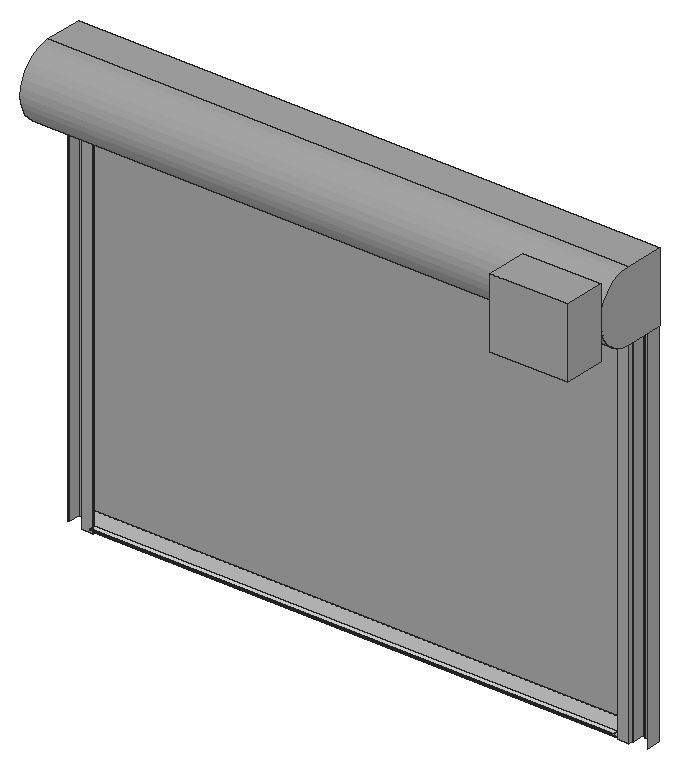
Revit family
Parameters (values of type "Motor Operated Stainless steel")
  Spec Wizard = "http://www.clopaydoor.com/Quick-Specs-Wizard.aspx"
  Sizing Disclaimer = "30’ wide, 30’ high standard construction. Large Openings to 38’ wide, 40’ high consult factory. "  # constant formula
  Sales Information = "http://www.clopaydoor.com/where-to-buy.aspx?type=dealer&stype=commercial"
  Product Options = "Insulated Doors muffle unwanted sound. STC 27"  # constant formula
  Product Features and Benefits = "http://www.clopaydoor.com/sliding-applications.aspx"
  Mounting = "Face of Wall"  # constant formula
  Motor Operator = yes
  Manufacturer Website = "http://www.clopaydoor.com"
  Manufacturer Phone Number = "1-800-526-4301"  # constant formula
  Manufacturer Address = "1400 W. Market St., Troy, OH 45373"  # constant formula
  Function = (empty or 0)
  File Revision = "00 (Feb, 2011)"  # constant formula
  Drip Extension = 0' - 5"
  Curtain 3" slats filled w. 7/8" insulation = Stainless steel (curtain only)
  Hand Chain = no
  CAD and Specifications = "http://www.clopaydoor.com/sliding-specs.aspx"
  Bottom Bar = Aluminum, mill finish (non curtain components)
  Guides = Stainless steel (non curtain components)
  Hood = Stainless steel (non curtain components)
  URL = "http://www.clopaydoor.com"
  Subcategory = "Roll Up"  # constant formula
  Optional aluminum, color anodized finish = no
  Wall Construction = "Masonry, Steel or Wood"  # constant formula
  Operator = Operator : Motor Operator
  Operator Width = Width + (2 * 0' 6 11/16") + 0' 9"  # 13' - 10 3/8"
  Operation = ""
  From Coil Side Operate on Right = yes
  From Coil Side Operate on Left = not(From Coil Side Operate on Right)  # no
  Model = "CESD20 "  # constant formula
  Manufacturer = "Clopay Building Products Company"  # constant formula
  Height = 10' - 0"
  Wall Closure = (empty or 0)
  Width = 12' - 0"
  Description = "Built to order insulated rolling doors maintain different temperatures on each side of the door. "  # constant formula
  Operator Height = Height - 1' 7"  # 8' - 5"
  Assembly Code = "B2030410"
  95 CSI = "08330"  # constant formula
  Windload = "A full range of specific wind load requirements available- Consult Clopay. "  # constant formula
  Coil Dimension Note = "17” to 30” -  Consult Clopay when dimensions are critical."  # constant formula
  Jamb Dimension Note = "6 3/16In to 10In wide. Consult Clopayl when dimensions are critical."  # constant formula
  Sound Transmission Class Rating = "STC 27, based on a complete, operable door assembly"  # constant formula
  Optional Powder Coated Finish, standard RAL colors, Galv. Steel and Aluminum only = no
  04 CSI = "08 33 00"  # constant formula
  Cost Name = "Based on size, materials selected. Consult Clopay."  # constant formula
Types (8): name | Motor Operator | Drip Extension | Curtain 3" slats filled w. 7/8" insulation | Hand Chain | Bottom Bar | Guides | Hood | Operator
  Hand-Chain Operated Galvanized Steel | no | 0' - 3" | Galvanized steel (curtain only) | yes | Aluminum, mill finish (non curtain components) | Galvanized or powder coated plain steel (non curtain components) | Galvanized or powder coated plain steel (non curtain components) | Operator : Hand-Chain
  Hand-Chain Operated Stainless steel | no | 0' - 3" | Stainless steel (curtain only) | yes | Aluminum, mill finish (non curtain components) | Stainless steel (non curtain components) | Stainless steel (non curtain components) | Operator : Hand-Chain
  Motor Operated Galvanized Steel | yes | 0' - 5" | Galvanized steel (curtain only) | no | Aluminum, mill finish (non curtain components) | Galvanized or powder coated plain steel (non curtain components) | Galvanized or powder coated plain steel (non curtain components) | Operator : Motor Operator
  Motor Operated Stainless steel | yes | 0' - 5" | Stainless steel (curtain only) | no | Aluminum, mill finish (non curtain components) | Stainless steel (non curtain components) | Stainless steel (non curtain components) | Operator : Motor Operator
  Hand-Chain Operated Aluminum, mill finish | no | 0' - 3" | Aluminum, mill finish (curtain only) | yes | Aluminum, mill finish (non curtain components) | Aluminum, mill finish (non curtain components) | Aluminum, mill finish (non curtain components) | Operator : Hand-Chain
  Hand-Chain Operated Aluminum, clear anodized finish | no | 0' - 3" | Aluminum, clear anodized finish (curtain only) | yes | Aluminum, clear anodized finish (non curtain components) | Aluminum, clear anodized finish (non curtain components) | Aluminum, clear anodized finish (non curtain components) | Operator : Hand-Chain
  Motor Operated Aluminum, mill finish | yes | 0' - 5" | Aluminum, mill finish (curtain only) | no | Aluminum, mill finish (non curtain components) | Aluminum, mill finish (non curtain components) | Aluminum, mill finish (non curtain components) | Operator : Motor Operator
  Motor Operated Aluminum, clear anodized finish | yes | 0' - 5" | Aluminum, clear anodized finish (curtain only) | no | Aluminum, clear anodized finish (non curtain components) | Aluminum, clear anodized finish (non curtain components) | Aluminum, clear anodized finish (non curtain components) | Operator : Motor Operator
Reference planes (in)
  plane 1 "Center (Front/Back)": y = 0
  plane 2 "Center (Left/Right)": x = 36
  plane 3 "Left": x = -36
  plane 4 "Right": x = 108
  plane 5 "Top": z = 120
  plane 6 "Wall Edge": y = -3
  plane 7: y = -3
  plane 8 "Bottom Bar Alignment": y = -4.8765
  plane 9: y = -2.12013
  plane 10: x = -29.74865
  plane 11: x = 101.74865
  plane 12: x = -31.0625
  plane 13: z = 5.53516
  plane 14: x = 105.75
  plane 15: y = -10.65733
  plane 16: y = -18.31465
  plane 17: x = -39
  plane 18: y = -1.12488
  plane 19: z = 102
  plane 20: x = -42.6875
  plane 21: x = 114.6875
  plane 22: z = 101
Forms (in)
  Sweep 1, solid, material "Stainless steel (non curtain components)" <- "Hood"
    path origin (-1.0625, -3, -24.64844) x (-1, 0, 0) y (0, 0, 1)
      loop
        line (-115.75, 125) -> (41.625, 125)
    profile "Profile_Hood : Profile_Hood" origin (36, -3, 100.35156) x (0, 0, 1) y (0, 1, 0)
      loop
        line (19.64844, -10.5) -> (19.64844, 0) -> (0.64844, 0) -> (0.64844, -10.5)
        arc (0.64844, -10.5) -> (10.14844, -20) -> (19.64844, -10.5) r 9.5
  Sweep 2, solid, material "Aluminum, mill finish (non curtain components)" <- "Bottom Bar"
    path origin (-43.95264, -7.75, 47.99916) x (-1, 0, 0) y (0, 0, 1)
      loop
        line (-150.89014, -48) -> (-9.01514, -48)
    profile "Profile_BottomBar : Profile_BottomBar" origin (36, -7.75, -0.00084) x (0, 0, 1) y (0, 1, 0)
      loop
        line (1.84214, 1.28791) -> (1.60324, 2.77486)
        arc (1.60324, 2.77486) -> (1.57787, 2.80943) -> (1.535, 2.80903) r 0.047
        line (1.535, 2.80903) -> (1.535, 2.61332) -> (1.75124, 1.26741) -> (0.453, 1.26741)
        arc (0.453, 1.26741) -> (0, 0.81441) -> (0.453, 0.36141) r 0.453
        line (0.453, 0.36141) -> (1.629, 0.36141) -> (1.629, -1.04659)
        arc (1.629, -1.04659) -> (1.61992, -1.06851) -> (1.598, -1.07759) r 0.031
        line (1.598, -1.07759) -> (1.566, -1.07759)
        arc (1.566, -1.07759) -> (1.54408, -1.08667) -> (1.535, -1.10859) r 0.031
        line (1.535, -1.10859) -> (1.535, -1.17009)
        arc (1.535, -1.17009) -> (1.54877, -1.20333) -> (1.582, -1.21709) r 0.047
        line (1.582, -1.21709) -> (1.676, -1.21709)
        arc (1.676, -1.21709) -> (1.70923, -1.20333) -> (1.723, -1.17009) r 0.047
        line (1.723, -1.17009) -> (1.723, 0.34491) -> (5.536, 0.34491) -> (5.536, 1.28791) -> (1.84214, 1.28791)
  Extrusion 3, solid, material "Stainless steel (curtain only)" <- "Curtain 3" slats filled w. 7/8" insulation"
    sketch origin (0, -1.8125, 0) x (1, 0, 0) y (0, 1, 0)
      loop
        line (-36, -4.96759) -> (-36, -5.59259) -> (108, -5.59259) -> (108, -4.96759) -> (-36, -4.96759)
    from 5.53516 to 101
Lines and regions (in)
  Opening 1
    outline origin (-90, -3, 0) x (1, 0, 0) y (0, 0, 1)
      loop
        line (54, 0) -> (198, 0) -> (198, 96) -> (54, 96) -> (54, 0)
Text (in)
  text "Exterior" at (-74.96733, 27.31104, 0), in view "Ref. Level"
  text "Interior" at (-74.96733, -25.14366, 0), in view "Ref. Level"
  text "Exterior" at (0, 40.15149, 123.01588), in view "Right"
  text "Interior" at (0, -64.39139, 123.01588), in view "Right"
  text "Interior" at (0, -63.63426, 123.00693), in view "Left"
  text "Exterior" at (0, 54.57065, 123.00693), in view "Left"
Dimensions and locks (in)
  equal spacing: plane 3 "Left", plane 2 "Center (Left/Right)", plane 4 "Right"
  "Height": level to plane 5 "Top"
  "Width": plane 3 "Left" to plane 4 "Right"
  locked: plane 7 to plane 6 "Wall Edge"
  locked: level to plane 13 at 5.53516
  equal spacing: plane 6 "Wall Edge", plane 15, plane 16
  Extrusion 3 sketch curve to plane 12 = 0' - 4 15/16"
  locked: Extrusion 3 sketch curve to Extrusion 3 sketch curve at 0.625
  locked: plane 5 "Top" to plane 19 at 18
  plane 19 to level = 8' - 6"
  locked: plane 20 to plane 3 "Left" at 6.6875
  locked: plane 21 to plane 4 "Right" at 6.6875
  "Drip Extension": Opening 1 sketch curve to plane 22
  locked: plane 22 to plane 19 at 1
  aligned and locked: plane 3 "Left" to Opening 1 sketch curve
  aligned and locked: Opening 1 sketch curve to plane 4 "Right"
  aligned and locked: Opening 1 sketch curve to level
  aligned and locked: plane 6 "Wall Edge" to host wall
  aligned and locked: nested 2 to Sweep 2 sketch curve
  aligned and locked: nested 1 to Sweep 2 sketch curve
  aligned and locked: plane 13 to Sweep 2
  aligned and locked: nested 3 to plane 5 "Top"
  aligned and locked: plane 7 to nested 1
  aligned and locked: host wall to nested 2
  aligned and locked: Sweep 2 to Extrusion 3
  aligned and locked: Sweep 1 to plane 21
  aligned and locked: plane 21 to Sweep 1 sketch curve
  aligned and locked: plane 20 to Sweep 1 sketch curve
  aligned and locked: nested 1 to plane 20
  aligned and locked: plane 3 "Left" to Extrusion 3
  aligned and locked: Extrusion 3 to plane 4 "Right"
  aligned and locked: plane 21 to nested 2
  aligned and locked: Extrusion 3 to plane 13
  aligned and locked: plane 2 "Center (Left/Right)" to nested 3
  aligned and locked: Extrusion 3 to Sweep 1
  aligned and locked: nested 3 to plane 7
Automatic sketch dimensions
  Sweep 2 sketch curve to level = 0' - 0.00084"
  plane 11 to Extrusion 3 sketch curve = 0' - 6.25135"
  plane 8 "Bottom Bar Alignment" to Extrusion 3 sketch curve = 0' - 2.52859"
  Sweep 1 sketch curve to plane 19 = 0' - 1 83/128"
Nested families (in)
  nested 1: "Jamb_Guide-Wall" at (-40.4375, -3.25, 0), type "Guide"
  nested 2: "Jamb_Guide-Wall" at (112.4375, -3.25, 0) x (-1, 0, 0) z (0, 0, 1), type "Guide"
  nested 3: "Operator" at (36, -3, 10.50391), type <- "Operator", type "Motor Operator"
Definition of nested family "Jamb_Guide-Wall"
  Parameters (values of type "Guide")
    Height = 8' - 5"
    Guide = Aluminum, clear anodized finish (non curtain components)
    Assembly Code = ""
  Reference planes (in)
    plane 1 "Center (Front/Back)": y = 0
    plane 2: z = 0
    plane 3 "Center (Left/Right)": x = 0.0625
    plane 4: z = 101
    plane 5 "Center Line": x = 2.3125
    plane 6: y = -0.25
    plane 7: x = 5.5
    plane 8: x = -2.25
    plane 9: y = 0.25
    plane 10: y = -4.5
    plane 11: y = -2.25
  Forms (in)
    Extrusion 1, solid, material "Aluminum, clear anodized finish (non curtain components)" <- "Guide"
      sketch origin (-14.10276, 14.79848, 0) x (1, 0, 0) y (0, 1, 0)
        loop
          line (12.10276, -18.17348) -> (12.10276, -15.17348)
          arc (12.10276, -15.17348) -> (12.13937, -15.08509) -> (12.22776, -15.04848) r 0.125
          line (12.22776, -15.04848) -> (15.22776, -15.04848)
          arc (15.22776, -15.04848) -> (15.31614, -15.01187) -> (15.35276, -14.92348) r 0.125
          line (15.35276, -14.92348) -> (15.35276, -14.79848) -> (11.85276, -14.79848) -> (11.85276, -18.29848) -> (11.97776, -18.29848)
          arc (11.97776, -18.29848) -> (12.06614, -18.26187) -> (12.10276, -18.17348) r 0.125
      from 0 to 101
    Extrusion 2, solid, material "Aluminum, clear anodized finish (non curtain components)" <- "Guide"
      sketch origin (-14.10276, 14.79848, 0) x (1, 0, 0) y (0, 1, 0)
        loop
          line (13.03976, -14.79848) -> (16.03976, -14.79848)
          arc (16.03976, -14.79848) -> (16.12814, -14.83509) -> (16.16476, -14.92348) r 0.125
          line (16.16476, -14.92348) -> (16.16476, -17.92348)
          arc (16.16476, -17.92348) -> (16.20137, -18.01187) -> (16.28976, -18.04848) r 0.125
          line (16.28976, -18.04848) -> (16.41476, -18.04848) -> (16.41476, -14.54848) -> (12.91476, -14.54848) -> (12.91476, -14.67348)
          arc (12.91476, -14.67348) -> (12.95137, -14.76187) -> (13.03976, -14.79848) r 0.125
      from 0 to 101
    Extrusion 3, solid, material "Aluminum, clear anodized finish (non curtain components)" <- "Guide"
      sketch origin (0, 0, 0) x (1, 0, 0) y (0, 1, 0)
        loop
          line (2.4995, -2.9375) -> (5.4995, -2.9375) -> (5.4995, -2.84375)
          arc (5.4995, -2.84375) -> (5.47204, -2.77746) -> (5.40575, -2.75) r 0.09375
          line (5.40575, -2.75) -> (2.78075, -2.75)
          arc (2.78075, -2.75) -> (2.71446, -2.72254) -> (2.687, -2.65625) r 0.09375
          line (2.687, -2.65625) -> (2.687, -1.03125)
          arc (2.687, -1.03125) -> (2.65954, -0.96496) -> (2.59325, -0.9375) r 0.09375
          line (2.59325, -0.9375) -> (2.4995, -0.9375) -> (2.4995, -2.9375)
      from 0 to 101
    Extrusion 4, solid, material "Aluminum, clear anodized finish (non curtain components)" <- "Guide"
      sketch origin (0, 0, 0) x (1, 0, 0) y (0, 1, 0)
        loop
          line (5.21825, -4.3125) -> (2.59325, -4.3125)
          arc (2.59325, -4.3125) -> (2.52696, -4.28504) -> (2.4995, -4.21875) r 0.09375
          line (2.4995, -4.21875) -> (2.4995, -1.59375)
          arc (2.4995, -1.59375) -> (2.47204, -1.52746) -> (2.40575, -1.5) r 0.09375
          line (2.40575, -1.5) -> (2.312, -1.5) -> (2.312, -4.5) -> (5.312, -4.5) -> (5.312, -4.40625)
          arc (5.312, -4.40625) -> (5.28454, -4.33996) -> (5.21825, -4.3125) r 0.09375
      from 0 to 101
  Dimensions and locks (in)
    "Height": plane 4 to plane 2
    aligned and locked: plane 2 to level
    aligned and locked: Extrusion 1 to level
    aligned and locked: plane 4 to Extrusion 1
    aligned and locked: plane 4 to Extrusion 2
    aligned and locked: Extrusion 2 to level
    aligned and locked: Extrusion 3 to level
    aligned and locked: plane 4 to Extrusion 3
    aligned and locked: Extrusion 4 to level
    aligned and locked: plane 4 to Extrusion 4
  Automatic sketch dimensions
    Extrusion 1 sketch curve to plane 7 = 0' - 7 3/4"
    Extrusion 1 sketch curve to Extrusion 1 sketch curve = 0' - 0 1/8"  (x4)
    Extrusion 1 sketch curve to Extrusion 1 sketch curve = 0' - 0 1/4"
    Extrusion 1 sketch curve to Extrusion 1 sketch curve = 0' - 3"  (x2)
    plane 10 to Extrusion 1 sketch curve = 0' - 1"
    Extrusion 2 sketch curve to plane 9 = 0' - 0"
    Extrusion 2 sketch curve to plane 1 "Center (Front/Back)" = 0' - 0"
    plane 8 to Extrusion 2 sketch curve = 0' - 1.062"
    Extrusion 2 sketch curve to Extrusion 2 sketch curve = 0' - 0 1/8"  (x3)
    Extrusion 2 sketch curve to plane 5 "Center Line" = 0' - 0.3755"
    plane 5 "Center Line" to Extrusion 3 sketch curve = 0' - 0.187"
    Extrusion 3 sketch curve to Extrusion 3 sketch curve = 0' - 0 3/32"  (x4)
    Extrusion 3 sketch curve to plane 7 = 0' - 0.09425"
    Extrusion 3 sketch curve to plane 7 = 0' - 0.0005"
    Extrusion 3 sketch curve to plane 11 = 0' - 0 11/16"
    Extrusion 3 sketch curve to plane 6 = 0' - 0 25/32"
    Extrusion 2 sketch curve to plane 5 "Center Line" = 0' - 0.0005"
    Extrusion 2 sketch curve to plane 11 = 0' - 0 7/8"
    Extrusion 4 sketch curve to plane 10 = 0' - 0"
    Extrusion 4 sketch curve to plane 5 "Center Line" = 0' - 0.0005"
    plane 5 "Center Line" to Extrusion 4 sketch curve = 0' - 0.09325"
    plane 5 "Center Line" to Extrusion 4 sketch curve = 0' - 0.187"
    Extrusion 4 sketch curve to Extrusion 4 sketch curve = 0' - 0 3/32"  (x2)
    Extrusion 4 sketch curve to plane 7 = 0' - 0.28175"
    plane 10 to Extrusion 4 sketch curve = 0' - 0 3/32"
    plane 11 to Extrusion 4 sketch curve = 0' - 0 21/32"
Definition of nested family "Operator"
  Parameters (values of type "Motor Operator")
    Width = 13' - 10 3/8"
    Straight = no
    Right Visibility = yes
    Operator Height = 8' - 5"
    Motor Visibility = not(Motor)  # no
    Motor = yes
    Material = Galvanized or powder coated plain steel (non curtain components)
    Left Visibility = no
    Chain = no
    Bottom Bar = Aluminum, mill finish (non curtain components)
    Assembly Code = ""
  Types (2): name | Straight | Motor Visibility | Motor
    Hand-Chain | yes | yes | no
    Motor Operator | no | no | yes
  Reference planes (in)
    plane 1 "Center (Front/Back)": y = 0
    plane 2: z = 0
    plane 3 "Center (Left/Right)": x = 0
    plane 4: x = 83.1875
    plane 5: x = -83.1875
    plane 6: x = 78.6875
    plane 7: x = -78.6875
    plane 8: y = -18
  Lines and regions (in)
    symbolic lines, style "GenericModelHiddenLines", visible <- "Right Visibility"
      curve 1: line (-78.6875, -19.75, 0) -> (57.6875, -19.75, 0)
    symbolic lines, style "GenericModelHiddenLines", visible <- "Left Visibility"
      curve 2: line (-57.6875, -19.75, 0) -> (78.6875, -19.75, 0)
    symbolic lines, style "GenericModelHiddenLines", visible <- "Straight"
      curve 3: line (-78.6875, -19.75, 0) -> (78.6875, -19.75, 0)
    symbolic lines, style "GenericModelHiddenLines", visible <- "Motor Visibility"
      curve 4: line (-78.6875, -19.75, 0) -> (78.6875, -19.75, 0)
    symbolic lines, style "GenericModelHiddenLines"
      curve 5: line (-78.6875, -19.75, 0) -> (-78.6875, 0, 0)
      curve 6: line (78.6875, -19.75, 0) -> (78.6875, 0, 0)
  Dimensions and locks (in)
    equal spacing: plane 5, plane 3 "Center (Left/Right)", plane 4
    "Width": plane 5 to plane 4
    locked: plane 6 to plane 4 at 4.5
    locked: plane 5 to plane 7 at 4.5
    locked: plane 1 "Center (Front/Back)" to plane 8 at 18
    aligned and locked: nested 3 to plane 8
    aligned and locked: nested 3 to plane 7
    aligned and locked: plane 6 to curve 4
    aligned and locked: curve 5 to plane 7
    aligned and locked: nested 2 to plane 6
    aligned and locked: plane 7 to nested 3
    aligned and locked: plane 5 to nested 4
    aligned and locked: nested 1 to plane 4
    aligned and locked: nested 4 to plane 7
    aligned and locked: plane 6 to nested 1
    aligned and locked: curve 5 to plane 1 "Center (Front/Back)"
    aligned and locked: plane 1 "Center (Front/Back)" to curve 6
  Automatic sketch dimensions
    curve 2 to plane 7 = 1' - 9"
    curve 1 to plane 6 = 1' - 9"
    curve 6 to plane 8 = 0' - 1 3/4"
  Nested families (in)
    nested 1: "Pull-Down-Pole" at (84.5625, -8.5, 0), visible <- "Right Visibility", type "Right Operator"
      with Motor yes, Chain no
    nested 2: "Motor" at (57.6875, -18, 0), visible <- "Right Visibility", type "Motor"
    nested 3: "Motor" at (-78.6875, -18, 0), visible <- "Left Visibility", type "Motor 2"
    nested 4: "Pull-Down-Pole" at (-84.5625, -8.5, 0) x (-1, 0, 0) z (0, 0, 1), visible <- "Left Visibility", type "Left Operator"
      with Motor yes, Chain no
  Definition of nested family "Pull-Down-Pole"
    Parameters (values of type "Left Operator")
      Motor = no
      Material = Galvanized or powder coated plain steel (non curtain components)
      Height = 8' - 5"
      Chain = yes
      Bottom Bar = Aluminum, mill finish (non curtain components)
      Assembly Code = ""
    Types (2): name
      Left Operator
      Right Operator
    Reference planes (in)
      plane 1 "Center (Front/Back)": y = 0
      plane 2: z = 0
      plane 3 "Center (Left/Right)": x = 0
      plane 4: z = 101
      plane 5: x = -26.875
    Forms (in)
      Sweep 1, solid, material "Galvanized or powder coated plain steel (non curtain components)" <- "Material", visible <- "Chain"
        path origin (0, 2, 0) x (1, 0, 0) y (0, 0, 1)
          loop
            line (-4.875, 101) -> (-4.875, 0)
            arc (-4.875, 0) -> (-3.75, -1.125) -> (-2.625, 0) r 1.125
            line (-2.625, 0) -> (-2.625, 101)
        profile origin (-4.875, 2, 50.5) x (0, -1, 0) y (1, 0, 0)
          loop
            circle (0, 0) r 0.15023
      Extrusion 2, solid, material "Galvanized or powder coated plain steel (non curtain components)" <- "Material", visible <- "Chain"
        sketch origin (54.75, -180, 26.95339) x (0, 0, 1) y (0, -1, 0)
          loop
            line (63.54661, -188.5) -> (82.54661, -188.5) -> (82.54661, -168.5) -> (63.54661, -168.5) -> (63.54661, -188.5)
        from -56.125 to -60.625
      Extrusion 3, solid, material "Galvanized or powder coated plain steel (non curtain components)" <- "Material", visible <- "Motor"
        sketch origin (0, -1.75, 0) x (1, 0, 0) y (0, 0, 1)
          loop
            line (-26.875, 109.49609) -> (-26.875, 90.5) -> (-5.875, 90.5) -> (-5.875, 109.49609) -> (-26.875, 109.49609)
        from 9.75 to 20.875
    Dimensions and locks (in)
      "Height": plane 4 to level
      locked: plane 3 "Center (Left/Right)" to Extrusion 2 at 1.375
      locked: Extrusion 3 sketch curve to Extrusion 3 sketch curve at 21
      Extrusion 3 sketch curve to Extrusion 3 sketch curve = 1' - 6 255/256"
      aligned and locked: level to Sweep 1 sketch curve
      aligned and locked: plane 4 to Sweep 1 sketch curve  (x2)
      aligned: Extrusion 3 to Extrusion 2
      aligned: Extrusion 2 to Extrusion 3
    Automatic sketch dimensions
      Sweep 1 sketch curve to plane 3 "Center (Left/Right)" = 0' - 4 7/8"
      Sweep 1 sketch curve to Sweep 1 sketch curve = 0' - 1 1/8"
      Sweep 1 sketch curve to profile plane = 0' - 0"  (x2)
      Extrusion 2 sketch curve to plane 4 = 0' - 10 1/2"
      plane 4 to Extrusion 2 sketch curve = 0' - 8 1/2"
      Extrusion 2 sketch curve to plane 1 "Center (Front/Back)" = 0' - 8 1/2"
      Extrusion 3 sketch curve to plane 5 = 0' - 0"
      Extrusion 3 sketch curve to plane 4 = 0' - 10 1/2"
      plane 1 "Center (Front/Back)" to Extrusion 2 sketch curve = 0' - 11 1/2"
      radius of Sweep 1 sketch curve = 0' - 0.15023"
  Definition of nested family "Motor"
    Parameters (values of type "Motor 2")
      Motor = yes
      Assembly Code = ""
    Types (2): name
      Motor 2
      Motor
    Reference planes (in)
      plane 1 "Center (Front/Back)": y = 0
      plane 2: z = 0
      plane 3 "Center (Left/Right)": x = 0
    Lines and regions (in)
      symbolic lines, style "GenericModelHiddenLines", visible <- "Motor"
        curve 1: line (0, -1.75, 0) -> (0, -11.375, 0)
        curve 2: line (0, -11.375, 0) -> (21, -11.375, 0)
        curve 3: line (21, -11.375, 0) -> (21, -1.75, 0)
    Dimensions and locks (in)
      aligned: curve 1 to plane 3 "Center (Left/Right)"
